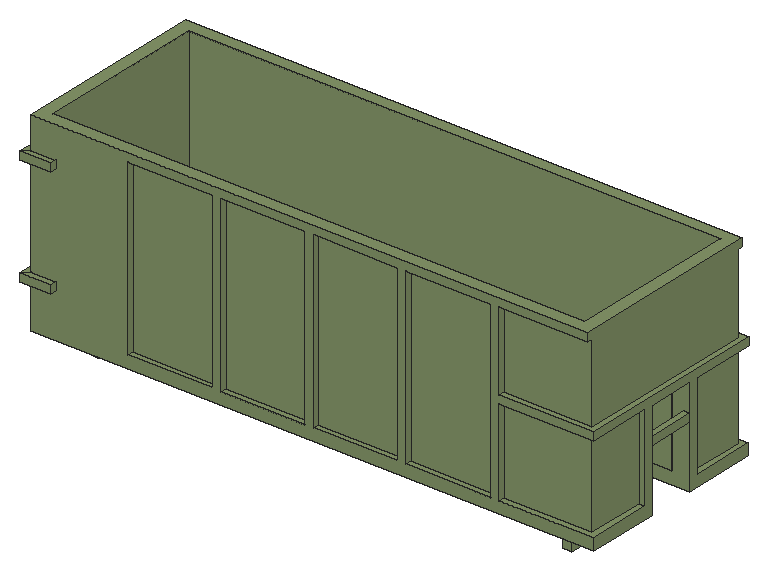
Revit family "M_Caçamba Lixeira", category Terreno, Revit 2019
Family settings
  Cota do conector redondo = Utilizar diâmetro
  Tipo de parte = Normal
  ID de item do Seek = Waste Container-0000-CAN-ENU
  Com base no plano de trabalho = Não
  Sempre na vertical = Sim
  Corte com vazios quando carregada = Não
  Compartilhado = Não
Parameters (values of type "Contêiner de despejo")
  Assembly Code = ""
Reference planes
  plane 1 "Centro (Frente/Trás)": y = 0
  plane 2: z = 0
  plane 3 "Centro (Esquerda/Direita)": x = 0
  plane 4: z = 101.6
  plane 5: x = 7010.4
  plane 6: z = 2540
  plane 7: y = 2438.4
  plane 8: z = 254
  plane 9: z = 1397
  plane 10: x = 6248.4
  plane 11: y = 1676.4
  plane 12: y = 762
  plane 13: x = 5842
  plane 14: x = 4673.6
  plane 15: x = 3505.2
  plane 16: x = 2336.8
  plane 17: x = 1168.4
  plane 18: z = 1346.2
  plane 19: y = 1219.2
  plane 20: z = 1727.2
  plane 21: z = 914.4
  plane 22: y = 152.4
Forms (mm)
  Extrusion 1, solid, material "Metal - Acabamento de pintura - Verde, Escuro"
    sketch origin (0, 0, 101.6) x (0, -1, 0) y (-1, 0, 0)
      loop
        line (-2438.4, 0) -> (-2438.4, -7086.6) -> (0, -7086.6) -> (0, 0) -> (-2438.4, 0)
    from 0 to -2438.4
  Extrusion 2, void
    sketch origin (0, 0, 2540) x (0, -1, 0) y (-1, 0, 0)
      loop
        line (-2286, -152.4) -> (-2286, -6858) -> (-152.4, -6858) -> (-152.4, -152.4) -> (-2286, -152.4)
    from 0 to 2286
  Extrusion 3, solid, material "Metal - Acabamento de pintura - Verde, Escuro"
    sketch origin (0, 0, 254) x (1, 0, 0) y (0, -1, 0)
      loop
        line (6858, -1676.4) -> (6858, -762) -> (6248.4, -762) -> (6248.4, -1676.4) -> (6858, -1676.4)
    from 0 to -1193.8
  Extrusion 4, void
    sketch origin (0, 0, 101.6) x (-1, 0, 0) y (0, -1, 0)
      loop
        line (-7086.6, -1524) -> (-6400.8, -1524) -> (-6400.8, -914.4) -> (-7086.6, -914.4) -> (-7086.6, -1524)
    from 0 to 1244.6
  Extrusion 5, void
    sketch origin (0, 2438.4, 0) x (-1, 0, 0) y (0, 0, 1)
      loop
        line (-1219.2, 254) -> (-1219.2, 2438.4) -> (-2286, 2438.4) -> (-2286, 254) -> (-1219.2, 254)
      loop
        line (-3454.4, 254) -> (-2387.6, 254) -> (-2387.6, 2438.4) -> (-3454.4, 2438.4) -> (-3454.4, 254)
      loop
        line (-3556, 254) -> (-3556, 2438.4) -> (-4622.8, 2438.4) -> (-4622.8, 254) -> (-3556, 254)
      loop
        line (-5791.2, 254) -> (-4724.4, 254) -> (-4724.4, 2438.4) -> (-5791.2, 2438.4) -> (-5791.2, 254)
      loop
        line (-5892.8, 254) -> (-5892.8, 1346.2) -> (-7010.4, 1346.2) -> (-7010.4, 254) -> (-5892.8, 254)
      loop
        line (-5892.8, 2438.4) -> (-7010.4, 2438.4) -> (-7010.4, 1447.8) -> (-5892.8, 1447.8) -> (-5892.8, 2438.4)
    from 0 to -76.2
  Extrusion 6, void
    sketch origin (7010.4, 0, 0) x (0, 0, 1) y (0, -1, 0)
      loop
        line (2540, -2438.4) -> (2540, 0) -> (1447.8, 0) -> (1447.8, -2438.4) -> (2540, -2438.4)
      loop
        line (1346.2, -2438.4) -> (1346.2, -1625.6) -> (254, -1625.6) -> (254, -2438.4) -> (1346.2, -2438.4)
      loop
        line (1346.2, 0) -> (254, 0) -> (254, -812.8) -> (1346.2, -812.8) -> (1346.2, 0)
    from 0 to 304.8
  Extrusion 7, void
    sketch origin (0, 0, 0) x (-1, 0, 0) y (0, 0, -1)
      loop
        line (-1219.2, -254) -> (-2286, -254) -> (-2286, -2438.4) -> (-1219.2, -2438.4) -> (-1219.2, -254)
      loop
        line (-3454.4, -254) -> (-3454.4, -2438.4) -> (-2387.6, -2438.4) -> (-2387.6, -254) -> (-3454.4, -254)
      loop
        line (-3556, -254) -> (-4622.8, -254) -> (-4622.8, -2438.4) -> (-3556, -2438.4) -> (-3556, -254)
      loop
        line (-5791.2, -254) -> (-5791.2, -2438.4) -> (-4724.4, -2438.4) -> (-4724.4, -254) -> (-5791.2, -254)
      loop
        line (-5892.8, -254) -> (-7010.4, -254) -> (-7010.4, -1346.2) -> (-5892.8, -1346.2) -> (-5892.8, -254)
      loop
        line (-5892.8, -2438.4) -> (-5892.8, -1447.8) -> (-7010.4, -1447.8) -> (-7010.4, -2438.4) -> (-5892.8, -2438.4)
    from 0 to -76.2
  Extrusion 8, solid, material "Metal - Acabamento de pintura - Verde, Escuro"
    sketch origin (7010.4, 0, 0) x (0, 0, -1) y (0, -1, 0)
      loop
        line (-990.6, -1524) -> (-889, -1524) -> (-889, -914.4) -> (-990.6, -914.4) -> (-990.6, -1524)
    from 0 to -76.2
  Sweep 9, solid, material "Metal - Acabamento de pintura - Verde, Escuro"
    path origin (0, 0, 1727.2) x (1, 0, 0) y (0, 1, 0)
      loop
        line (0, 304.8) -> (0, 0) -> (304.8, 0)
    profile origin (0, 152.4, 1727.2) x (1, 0, 0) y (0, 0, 1)
      loop
        line (0, -1066.8) -> (0, -965.2) -> (-76.2, -965.2) -> (-76.2, -1066.8) -> (0, -1066.8)
      loop
        line (0, 406.4) -> (-76.2, 406.4) -> (-76.2, 304.8) -> (0, 304.8) -> (0, 406.4)
  Sweep 10, solid, material "Metal - Acabamento de pintura - Verde, Escuro"
    path origin (0, 2438.4, 1727.2) x (1, 0, 0) y (0, 1, 0)
      loop
        line (0, -304.8) -> (0, 0) -> (304.8, 0)
    profile origin (0, 2286, 1727.2) x (-1, 0, 0) y (0, 0, 1)
      loop
        line (0, -1066.8) -> (76.2, -1066.8) -> (76.2, -965.2) -> (0, -965.2) -> (0, -1066.8)
      loop
        line (0, 406.4) -> (0, 304.8) -> (76.2, 304.8) -> (76.2, 406.4) -> (0, 406.4)
  Extrusion 11, solid, material "Metal - Acabamento de pintura - Verde, Escuro"
    sketch origin (0, 152.4, 0) x (0, 0, -1) y (1, 0, 0)
      loop
        line (-102.407, 860.591) -> (-102.407, 590.732)
        arc (-102.407, 590.732) -> (1.096, 725.662) -> (-102.407, 860.591) r 139.7
    from 25.4 to -254
  Extrusion 12, solid, material "Metal - Acabamento de pintura - Verde, Escuro"
    sketch origin (0, 2286, 0) x (0, 0, -1) y (-1, 0, 0)
      loop
        arc (-102.407, -860.591) -> (1.096, -725.662) -> (-102.407, -590.732) r 139.7
        line (-102.407, -590.732) -> (-102.407, -860.591)
    from 25.4 to -254
  Extrusion 13, solid, material "Metal - Acabamento de pintura - Verde, Escuro"
    sketch origin (0, 152.4, 0) x (0, 0, -1) y (1, 0, 0)
      loop
        line (-101.6, 6817.985) -> (-101.6, 6696.508) -> (0, 6696.508) -> (0, 6817.985) -> (-101.6, 6817.985)
    from 0 to 152.4
  Extrusion 14, solid, material "Metal - Acabamento de pintura - Verde, Escuro"
    sketch origin (0, 2286, 0) x (0, 0, -1) y (-1, 0, 0)
      loop
        line (-101.6, -6817.985) -> (0, -6817.985) -> (0, -6696.508) -> (-101.6, -6696.508) -> (-101.6, -6817.985)
    from 0 to 152.4
Cuts and joins
  Extrusion 2, Extrusion 4, Extrusion 5, Extrusion 6, Extrusion 7 cuts Extrusion 1
  Extrusion 4, Extrusion 5, Extrusion 6 cuts Extrusion 3
Dimensions and locks
  locked: plane 6 to plane 4 at 2438.4
  plane 17 to plane 3 "Centro (Esquerda/Direita)" = 1168.4 mm
  equal spacing: plane 5, plane 13, plane 14, plane 15, plane 16, plane 17, plane 3 "Centro (Esquerda/Direita)"
  Extrusion 6 sketch curve to cut or joined group of Extrusion 1, Extrusion 2, Extrusion 4, Extrusion 5, Extrusion 6, Extrusion 7 = 101.6 mm
  equal spacing: plane 1 "Centro (Frente/Trás)", plane 19, plane 7
  equal spacing: plane 4, plane 21, plane 20, plane 6
  aligned and locked: Extrusion 1 to plane 6
  aligned and locked: plane 4 to Extrusion 1
  aligned and locked: Extrusion 2 to plane 6
